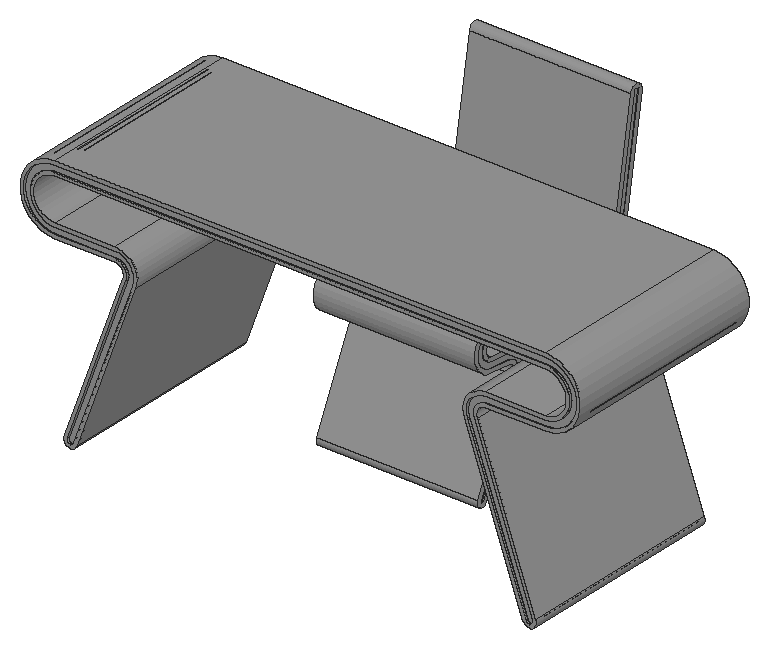
Revit family "Contemporary Office Desk", category Furniture, Revit 2014
Parameters
  Contemporary Office Desk - Plastic Outer = Contemporary Office Desk - Plastic Outer
  Contemporary Office Desk - Plastic Inner = Contemporary Office Desk - Plastic Inner
Reference planes
  plane 1 "Center (Front/Back)": y = 0
  plane 2: z = 0
  plane 3 "Center (Left/Right)": x = 0
Forms (mm)
  Extrusion 1, solid, material "Contemporary Office Desk - Plastic Outer" <- "Contemporary Office Desk - Plastic Outer"
    sketch origin (0, -120, 0) x (0, 1, 0) y (0, 0, 1)
      loop
        line (871.847, 424.965) -> (523.175, 455.47)
        arc (523.175, 455.47) -> (455.466, 398.655) -> (512.281, 330.946) r 62.5
        line (512.281, 330.946) -> (575.734, 325.394)
        arc (575.734, 325.394) -> (595.303, 312.82) -> (596.045, 289.571) r 25
        line (596.045, 289.571) -> (466.943, 23.641)
        arc (466.943, 23.641) -> (474.559, 1.652) -> (496.548, 9.268) r 16.455
        line (496.548, 9.268) -> (607.832, 238.495)
        arc (607.832, 238.495) -> (731.791, 311.741) -> (847.572, 226.15) r 130.344
        line (847.572, 226.15) -> (925.094, 13.16)
        arc (925.094, 13.16) -> (950.728, 1.206) -> (962.681, 26.84) r 20
        line (962.681, 26.84) -> (885.159, 239.831)
        arc (885.159, 239.831) -> (830.891, 315.071) -> (745.244, 350.717) r 170.344
        line (745.244, 350.717) -> (515.767, 370.794)
        arc (515.767, 370.794) -> (495.314, 395.169) -> (519.689, 415.622) r 22.5
        line (519.689, 415.622) -> (868.361, 385.118)
        arc (868.361, 385.118) -> (948.391, 408.444) -> (991.636, 479.71) r 115
        line (991.636, 479.71) -> (1051.515, 819.3)
        arc (1051.515, 819.3) -> (1035.292, 842.469) -> (1012.123, 826.246) r 20
        line (1012.123, 826.246) -> (952.244, 486.656)
        arc (952.244, 486.656) -> (924.041, 440.178) -> (871.847, 424.965) r 75
      loop
        arc (962.092, 484.92) -> (930.128, 432.245) -> (870.975, 415.003) r 85
        line (870.975, 415.003) -> (522.304, 445.508)
        arc (522.304, 445.508) -> (465.428, 397.784) -> (513.153, 340.908) r 52.5
        line (513.153, 340.908) -> (576.606, 335.356)
        arc (576.606, 335.356) -> (604.002, 317.752) -> (605.041, 285.204) r 35
        line (605.041, 285.204) -> (475.939, 19.274)
        arc (475.939, 19.274) -> (478.927, 10.648) -> (487.552, 13.636) r 6.455
        line (487.552, 13.636) -> (598.836, 242.862)
        arc (598.836, 242.862) -> (732.305, 321.728) -> (856.968, 229.57) r 140.344
        line (856.968, 229.57) -> (934.491, 16.58)
        arc (934.491, 16.58) -> (947.308, 10.603) -> (953.284, 23.42) r 10
        line (953.284, 23.42) -> (875.762, 236.41)
        arc (875.762, 236.41) -> (824.741, 307.186) -> (744.214, 340.769) r 160.344
        line (744.214, 340.769) -> (514.896, 360.832)
        arc (514.896, 360.832) -> (485.352, 396.041) -> (520.561, 425.584) r 32.5
        line (520.561, 425.584) -> (869.232, 395.08)
        arc (869.232, 395.08) -> (942.303, 416.378) -> (981.788, 481.447) r 105
        line (981.788, 481.447) -> (1041.667, 821.037)
        arc (1041.667, 821.037) -> (1033.556, 832.621) -> (1021.971, 824.51) r 10
        line (1021.971, 824.51) -> (962.092, 484.92)
    from -230 to 230
  Extrusion 2, solid, material "Contemporary Office Desk - Plastic Inner" <- "Contemporary Office Desk - Plastic Inner"
    sketch origin (0, -120, 0) x (0, 1, 0) y (0, 0, 1)
      loop
        arc (962.092, 484.92) -> (930.128, 432.245) -> (870.975, 415.003) r 85
        line (870.975, 415.003) -> (522.304, 445.508)
        arc (522.304, 445.508) -> (465.428, 397.784) -> (513.153, 340.908) r 52.5
        line (513.153, 340.908) -> (576.606, 335.356)
        arc (576.606, 335.356) -> (604.002, 317.752) -> (605.041, 285.204) r 35
        line (605.041, 285.204) -> (475.939, 19.274)
        arc (475.939, 19.274) -> (478.927, 10.648) -> (487.552, 13.636) r 6.455
        line (487.552, 13.636) -> (598.836, 242.862)
        arc (598.836, 242.862) -> (732.305, 321.728) -> (856.968, 229.57) r 140.344
        line (856.968, 229.57) -> (934.491, 16.58)
        arc (934.491, 16.58) -> (947.308, 10.603) -> (953.284, 23.42) r 10
        line (953.284, 23.42) -> (875.762, 236.41)
        arc (875.762, 236.41) -> (824.741, 307.186) -> (744.214, 340.769) r 160.344
        line (744.214, 340.769) -> (514.896, 360.832)
        arc (514.896, 360.832) -> (485.352, 396.041) -> (520.561, 425.584) r 32.5
        line (520.561, 425.584) -> (869.232, 395.08)
        arc (869.232, 395.08) -> (942.303, 416.378) -> (981.788, 481.447) r 105
        line (981.788, 481.447) -> (1041.667, 821.037)
        arc (1041.667, 821.037) -> (1033.556, 832.621) -> (1021.971, 824.51) r 10
        line (1021.971, 824.51) -> (962.092, 484.92)
    from -225 to 225
  Extrusion 3, solid, material "Contemporary Office Desk - Plastic Outer" <- "Contemporary Office Desk - Plastic Outer"
    sketch origin (0, 0, 0) x (1, 0, 0) y (0, 0, 1)
      loop
        line (-506.51, 486.449) -> (-673.794, 26.84)
        arc (-673.794, 26.84) -> (-661.84, 1.206) -> (-636.206, 13.16) r 20
        line (-636.206, 13.16) -> (-468.922, 472.769)
        arc (-468.922, 472.769) -> (-476.757, 532.282) -> (-530.002, 560) r 65
        line (-530.002, 560) -> (-700, 560)
        arc (-700, 560) -> (-760, 620) -> (-700, 680) r 60
        line (-700, 680) -> (700, 680)
        arc (700, 680) -> (760, 620) -> (700, 560) r 60
        line (700, 560) -> (530.002, 560)
        arc (530.002, 560) -> (476.757, 532.282) -> (468.922, 472.769) r 65
        line (468.922, 472.769) -> (636.206, 13.16)
        arc (636.206, 13.16) -> (661.84, 1.206) -> (673.794, 26.84) r 20
        line (673.794, 26.84) -> (506.51, 486.449)
        arc (506.51, 486.449) -> (509.523, 509.339) -> (530.002, 520) r 25
        line (530.002, 520) -> (700, 520)
        arc (700, 520) -> (800, 620) -> (700, 720) r 100
        line (700, 720) -> (-700, 720)
        arc (-700, 720) -> (-800, 620) -> (-700, 520) r 100
        line (-700, 520) -> (-530.002, 520)
        arc (-530.002, 520) -> (-509.523, 509.339) -> (-506.51, 486.449) r 25
      loop
        line (700, 710) -> (-700, 710)
        arc (-700, 710) -> (-790, 620) -> (-700, 530) r 90
        line (-700, 530) -> (-530.002, 530)
        arc (-530.002, 530) -> (-501.332, 515.075) -> (-497.113, 483.029) r 35
        line (-497.113, 483.029) -> (-664.397, 23.42)
        arc (-664.397, 23.42) -> (-658.42, 10.603) -> (-645.603, 16.58) r 10
        line (-645.603, 16.58) -> (-478.319, 476.189)
        arc (-478.319, 476.189) -> (-484.949, 526.547) -> (-530.002, 550) r 55
        line (-530.002, 550) -> (-700, 550)
        arc (-700, 550) -> (-770, 620) -> (-700, 690) r 70
        line (-700, 690) -> (700, 690)
        arc (700, 690) -> (770, 620) -> (700, 550) r 70
        line (700, 550) -> (530.002, 550)
        arc (530.002, 550) -> (484.949, 526.547) -> (478.319, 476.189) r 55
        line (478.319, 476.189) -> (645.603, 16.58)
        arc (645.603, 16.58) -> (658.42, 10.603) -> (664.397, 23.42) r 10
        line (664.397, 23.42) -> (497.113, 483.029)
        arc (497.113, 483.029) -> (501.332, 515.075) -> (530.002, 530) r 35
        line (530.002, 530) -> (700, 530)
        arc (700, 530) -> (790, 620) -> (700, 710) r 90
    from 0 to -600
  Extrusion 4, solid, material "Contemporary Office Desk - Plastic Inner" <- "Contemporary Office Desk - Plastic Inner"
    sketch origin (0, 0, 0) x (1, 0, 0) y (0, 0, 1)
      loop
        line (700, 710) -> (-700, 710)
        arc (-700, 710) -> (-790, 620) -> (-700, 530) r 90
        line (-700, 530) -> (-530.002, 530)
        arc (-530.002, 530) -> (-501.332, 515.075) -> (-497.113, 483.029) r 35
        line (-497.113, 483.029) -> (-664.397, 23.42)
        arc (-664.397, 23.42) -> (-658.42, 10.603) -> (-645.603, 16.58) r 10
        line (-645.603, 16.58) -> (-478.319, 476.189)
        arc (-478.319, 476.189) -> (-484.949, 526.547) -> (-530.002, 550) r 55
        line (-530.002, 550) -> (-700, 550)
        arc (-700, 550) -> (-770, 620) -> (-700, 690) r 70
        line (-700, 690) -> (700, 690)
        arc (700, 690) -> (770, 620) -> (700, 550) r 70
        line (700, 550) -> (530.002, 550)
        arc (530.002, 550) -> (484.949, 526.547) -> (478.319, 476.189) r 55
        line (478.319, 476.189) -> (645.603, 16.58)
        arc (645.603, 16.58) -> (658.42, 10.603) -> (664.397, 23.42) r 10
        line (664.397, 23.42) -> (497.113, 483.029)
        arc (497.113, 483.029) -> (501.332, 515.075) -> (530.002, 530) r 35
        line (530.002, 530) -> (700, 530)
        arc (700, 530) -> (790, 620) -> (700, 710) r 90
    from -5 to -595
Dimensions and locks
  aligned and locked: level to plane 2
